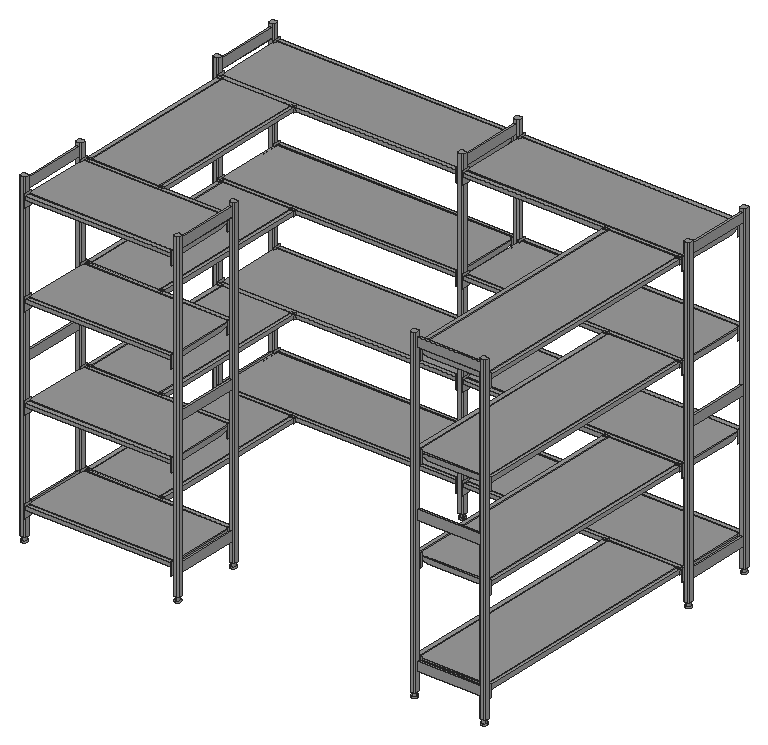
Revit family "QF_ELECTROLUXPROFESSIONAL_137101_CRS2416", category Attrezzature speciali, Revit 2020 (continued)
Definition of nested family "QF_798G2"
  Dimensions and locks
    aligned and locked: nested 1 to plane 10
    aligned and locked: nested 2 to plane 7
  Automatic sketch dimensions
    plane 5 "Right" to Extrusion 1 sketch curve = 0 mm  (x4)
    plane 4 "Left" to Extrusion 1 sketch curve = 0 mm  (x4)
    plane 21 "CYFront" to Extrusion 1 sketch curve = 1.5 mm  (x2)
    plane 19 to Extrusion 1 sketch curve = 1.5 mm  (x4)
    plane 14 to Extrusion 1 sketch curve = 7.998 mm  (x2)
    Extrusion 1 sketch curve to Extrusion 1 sketch curve = 17.997 mm  (x8)
    plane 15 to Extrusion 1 sketch curve = 7.998 mm  (x2)
    plane 16 to Extrusion 1 sketch curve = 7.998 mm  (x2)
    plane 17 to Extrusion 1 sketch curve = 7.998 mm  (x2)
    plane 21 "CYFront" to Extrusion 2 sketch curve = 3.5 mm  (x4)
    plane 19 to Extrusion 2 sketch curve = 3.493 mm  (x4)
    plane 14 to Extrusion 2 sketch curve = 19.496 mm
    Extrusion 2 sketch curve to Extrusion 2 sketch curve = 6.499 mm  (x4)
    plane 15 to Extrusion 2 sketch curve = 19.496 mm
    plane 16 to Extrusion 2 sketch curve = 19.496 mm
    plane 17 to Extrusion 2 sketch curve = 19.496 mm
    curve 2 to plane 4 "Left" = 0 mm
    curve 3 to plane 5 "Right" = 0 mm
    plane 7 to curve 1 = 0 mm
    plane 8 to curve 2 = 0 mm
    plane 8 to curve 1 = 0 mm
    plane 8 to curve 3 = 0 mm
    plane 21 "CYFront" to curve 4 = 1.5 mm
    plane 19 to curve 6 = 1.5 mm
    plane 7 to curve 3 = 4 mm
    plane 7 to curve 2 = 4 mm
  Nested families
    nested 1: "WT_Aggancio373B" at (-194.5, 692.5, 0) x (0, 1, 0) z (0, 0, 1), type "WT_Aggancio373B"
    nested 2: "WT_Aggancio373B" at (-194.5, -929.5, 0) x (0, -1, 0) z (0, 0, 1), type "WT_Aggancio373B"
  Definition of nested family "WT_Aggancio373B"
    Parameters
      WidthLeft = A + 64 mm  # 772 mm
      Width = 1606 mm
      Right = WidthLeft / 2  # 386 mm
      Default Elevation = 0 mm
      Left = -WidthLeft / 2  # -386 mm
      Height = 1590 mm
      FEET = 25 mm
      E = 0 mm
      Dint = Depth - 63 mm  # 310 mm
      Dext = Depth - 8 mm  # 365 mm
      Depth = 373 mm
      DX = (WidthLeft - A) / 2  # 32 mm
      B = 798 mm
      A = 708 mm
    Reference planes
      plane 1: z = 0
      plane 2 "LEFT": x = -417
      plane 3 "BACK": y = 23
      plane 4 "FRONT": y = -350
      plane 5 "TOP": z = 1590
      plane 6 "Center (Front/Back)": y = -163.5
      plane 7: y = -8.5
      plane 8: y = -318.5
      plane 9 "FEET": z = 25
      plane 10: z = 140
      plane 11: z = 590
      plane 12: z = 1040
      plane 13: z = 1490
      plane 14: y = 5.5
      plane 15 "CYBack": y = 5.5
      plane 16 "CYFront": y = -332.5
    Forms (mm)
      Extrusion 1, solid
        sketch origin (-380, -0.022, 0) x (0, 1, 0) y (0, 0, 1)
          loop
            line (-12, 1497.998) -> (4, 1497.998) -> (4, 1515.994) -> (2.007, 1515.994) -> (2.007, 1509.496) -> (-329, 1509.496) -> (-329, 1515.994) -> (-331, 1515.994) -> (-331, 1497.998) -> (-315, 1497.998) -> (-281, 1485.994) -> (-46, 1485.994) -> (-12, 1497.998)
          loop
            line (-12, 1047.998) -> (4, 1047.998) -> (4, 1065.994) -> (2.007, 1065.994) -> (2.007, 1059.496) -> (-329, 1059.496) -> (-329, 1065.994) -> (-331, 1065.994) -> (-331, 1047.998) -> (-315, 1047.998) -> (-281, 1035.994) -> (-46, 1035.994) -> (-12, 1047.998)
          loop
            line (-12, 597.998) -> (4, 597.998) -> (4, 615.994) -> (2.007, 615.994) -> (2.007, 609.496) -> (-329, 609.496) -> (-329, 615.994) -> (-331, 615.994) -> (-331, 597.998) -> (-315, 597.998) -> (-281, 585.994) -> (-46, 585.994) -> (-12, 597.998)
          loop
            line (-12, 147.998) -> (4, 147.998) -> (4, 165.994) -> (2.007, 165.994) -> (2.007, 159.496) -> (-329, 159.496) -> (-329, 165.994) -> (-331, 165.994) -> (-331, 147.998) -> (-315, 147.998) -> (-281, 135.994) -> (-46, 135.994) -> (-12, 147.998)
        from -32 to -37
      Extrusion 2, solid
        sketch origin (-793.062, -324.754, 6.5) x (1, 0, 0) y (0, 0, 1)
          loop
            line (385.062, 1509.496) -> (385.062, 1512.496) -> (376.062, 1512.496) -> (376.062, 1485.994) -> (390.031, 1485.994) -> (390.031, 1491.496) -> (381.062, 1491.496) -> (381.062, 1509.496) -> (385.062, 1509.496)
          loop
            line (385.062, 1059.496) -> (385.062, 1062.496) -> (376.062, 1062.496) -> (376.062, 1035.994) -> (390.031, 1035.994) -> (390.031, 1041.496) -> (381.062, 1041.496) -> (381.062, 1059.496) -> (385.062, 1059.496)
          loop
            line (385.062, 609.496) -> (385.062, 612.496) -> (376.062, 612.496) -> (376.062, 585.994) -> (390.031, 585.994) -> (390.031, 591.496) -> (381.062, 591.496) -> (381.062, 609.496) -> (385.062, 609.496)
          loop
            line (385.062, 159.496) -> (385.062, 162.496) -> (376.062, 162.496) -> (376.062, 135.994) -> (390.031, 135.994) -> (390.031, 141.496) -> (381.062, 141.496) -> (381.062, 159.496) -> (385.062, 159.496)
        from 6.268 to 25.246
      Extrusion 3, solid
        sketch origin (-793.062, 32.754, 6.5) x (1, 0, 0) y (0, 0, 1)
          loop
            line (385.062, 1509.496) -> (385.062, 1512.496) -> (376.062, 1512.496) -> (376.062, 1485.994) -> (390.031, 1485.994) -> (390.031, 1491.496) -> (381.062, 1491.496) -> (381.062, 1509.496) -> (385.062, 1509.496)
          loop
            line (385.062, 1059.496) -> (385.062, 1062.496) -> (376.062, 1062.496) -> (376.062, 1035.994) -> (390.031, 1035.994) -> (390.031, 1041.496) -> (381.062, 1041.496) -> (381.062, 1059.496) -> (385.062, 1059.496)
          loop
            line (385.062, 609.496) -> (385.062, 612.496) -> (376.062, 612.496) -> (376.062, 585.994) -> (390.031, 585.994) -> (390.031, 591.496) -> (381.062, 591.496) -> (381.062, 609.496) -> (385.062, 609.496)
          loop
            line (385.062, 159.496) -> (385.062, 162.496) -> (376.062, 162.496) -> (376.062, 135.994) -> (390.031, 135.994) -> (390.031, 141.496) -> (381.062, 141.496) -> (381.062, 159.496) -> (385.062, 159.496)
        from 9.754 to 28.776
    Lines and regions (mm)
      symbolic lines
        curve 1: line (-412, -350, 0) -> (-408, -350, 0)
        curve 2: line (-412, -331.022, 0) -> (-412, -350, 0)
        curve 3: line (-408, -331.022, 0) -> (-412, -331.022, 0)
        curve 4: line (-408, -350, 0) -> (-408, -331.022, 0)
        curve 5: line (-412, 3.978, 0) -> (-408, 3.978, 0)
        curve 6: line (-412, 23, 0) -> (-412, 3.978, 0)
        curve 7: line (-408, 23, 0) -> (-412, 23, 0)
        curve 8: line (-408, 3.978, 0) -> (-408, 23, 0)
    Dimensions and locks
      "Height": plane 5 "TOP" to level
      "Depth": plane 3 "BACK" to plane 4 "FRONT"
      "Dint": plane 7 to plane 8
      equal spacing: plane 7, plane 6 "Center (Front/Back)", plane 8
      equal spacing: plane 3 "BACK", plane 6 "Center (Front/Back)", plane 4 "FRONT"
      plane 9 "FEET" to level = 25 mm
      plane 10 to plane 9 "FEET" = 115 mm
      locked: plane 11 to plane 10 at 450
      locked: plane 12 to plane 11 at 450
      locked: plane 13 to plane 12 at 450
      locked: plane 3 "BACK" to plane 15 "CYBack" at 17.5
      locked: plane 16 "CYFront" to plane 4 "FRONT" at 17.5
      aligned and locked: level to plane 1
      aligned and locked: Extrusion 1 sketch curve to Extrusion 1 sketch curve  (x3)
    Automatic sketch dimensions
      plane 16 "CYFront" to Extrusion 1 sketch curve = 1.478 mm  (x4)
      Extrusion 1 sketch curve to Extrusion 1 sketch curve = 2 mm
      plane 8 to Extrusion 1 sketch curve = 3.478 mm  (x4)
      Extrusion 1 sketch curve to plane 10 = 4.006 mm
      Extrusion 1 sketch curve to Extrusion 1 sketch curve = 34 mm  (x4)
      Extrusion 1 sketch curve to plane 11 = 4.006 mm
      Extrusion 1 sketch curve to plane 12 = 4.006 mm
      Extrusion 1 sketch curve to plane 13 = 4.006 mm
      Extrusion 1 sketch curve to plane 7 = 37.522 mm  (x4)
      Extrusion 1 sketch curve to plane 7 = 3.522 mm  (x4)
      plane 14 to Extrusion 1 sketch curve = 3.516 mm  (x4)
      plane 14 to Extrusion 1 sketch curve = 1.522 mm  (x4)
      plane 10 to Extrusion 1 sketch curve = 7.998 mm  (x2)
      Extrusion 1 sketch curve to Extrusion 1 sketch curve = 11.498 mm  (x4)
      Extrusion 1 sketch curve to Extrusion 1 sketch curve = 6.499 mm  (x8)
      plane 11 to Extrusion 1 sketch curve = 7.998 mm  (x2)
      plane 12 to Extrusion 1 sketch curve = 7.998 mm  (x2)
      plane 13 to Extrusion 1 sketch curve = 7.998 mm  (x2)
      plane 2 "LEFT" to Extrusion 2 sketch curve = 0 mm  (x4)
      plane 13 to Extrusion 2 sketch curve = 7.996 mm
      plane 11 to Extrusion 2 sketch curve = 7.996 mm
      Extrusion 2 sketch curve to Extrusion 2 sketch curve = 5 mm  (x4)
      plane 11 to Extrusion 2 sketch curve = 2.494 mm
      plane 10 to Extrusion 2 sketch curve = 28.996 mm
      Extrusion 2 sketch curve to Extrusion 2 sketch curve = 3 mm  (x4)
      plane 10 to Extrusion 2 sketch curve = 7.996 mm
      plane 10 to Extrusion 2 sketch curve = 2.494 mm
      Extrusion 2 sketch curve to Extrusion 2 sketch curve = 18 mm  (x3)
      plane 12 to Extrusion 2 sketch curve = 2.494 mm
      plane 12 to Extrusion 2 sketch curve = 7.996 mm
      plane 13 to Extrusion 2 sketch curve = 2.494 mm
      plane 2 "LEFT" to Extrusion 3 sketch curve = 0 mm  (x4)
      plane 13 to Extrusion 3 sketch curve = 7.996 mm
      plane 11 to Extrusion 3 sketch curve = 7.996 mm
      Extrusion 3 sketch curve to Extrusion 3 sketch curve = 5 mm  (x4)
      plane 11 to Extrusion 3 sketch curve = 2.494 mm
      plane 10 to Extrusion 3 sketch curve = 28.996 mm
      Extrusion 3 sketch curve to Extrusion 3 sketch curve = 3 mm  (x4)
      plane 10 to Extrusion 3 sketch curve = 7.996 mm
      plane 10 to Extrusion 3 sketch curve = 2.494 mm
      Extrusion 3 sketch curve to Extrusion 3 sketch curve = 18 mm  (x3)
      plane 12 to Extrusion 3 sketch curve = 2.494 mm
      plane 12 to Extrusion 3 sketch curve = 7.996 mm
      plane 13 to Extrusion 3 sketch curve = 2.494 mm
      plane 2 "LEFT" to curve 1 = 5 mm
      plane 2 "LEFT" to curve 7 = 5 mm
      curve 1 to plane 16 "CYFront" = 17.5 mm
      curve 3 to plane 8 = 12.522 mm
      plane 7 to curve 5 = 12.478 mm
      curve 7 to plane 14 = 17.5 mm
      curve 5 to curve 5 = 4 mm
      curve 1 to curve 4 = 4 mm
      Extrusion 2 sketch curve to Extrusion 2 sketch curve = 4 mm  (x4)
      Extrusion 2 sketch curve to Extrusion 2 sketch curve = 8.969 mm  (x4)
      Extrusion 3 sketch curve to Extrusion 3 sketch curve = 4 mm  (x4)
      Extrusion 3 sketch curve to Extrusion 3 sketch curve = 8.969 mm  (x4)
Definition of nested family "QF_708"
  Parameters
    Default Elevation = 0 mm
    Model = "137010"
    Manufacturer = "Electrolux Professional"
    Description = ""
  Reference planes
    plane 1: z = 0
    plane 2 "Center (Left/Right)": x = -31
    plane 3 "LEFT": x = -417
    plane 4 "RIGHT": x = 355
    plane 5 "BACK": y = 23
    plane 6 "FRONT": y = -350
    plane 7 "TOP": z = 1700
    plane 8: x = 350
    plane 9: x = -385
    plane 10: x = 323
    plane 11 "Center (Front/Back)": y = -163.5
    plane 12: x = 318
    plane 13: y = -8.5
    plane 14: y = -318.5
    plane 15 "FEET": z = 25
    plane 16: z = 140
    plane 17: z = 590
    plane 18: z = 1040
    plane 19: z = 1490
    plane 20 "CXLeft": x = -403
    plane 21 "CXRight": x = 341
    plane 22: y = 5.5
    plane 23 "CYBack": y = 5.5
    plane 24 "CYFront": y = -332.5
  Forms (mm)
    Extrusion 1, solid
      sketch origin (-417, 0, 0) x (0, 1, 0) y (0, 0, 1)
        loop
          line (4, 1515.994) -> (4, 1497.998) -> (23, 1497.998) -> (23, 1515.994) -> (4, 1515.994)
        loop
          line (-331, 1515.994) -> (-350, 1515.994) -> (-350, 1497.998) -> (-331, 1497.998) -> (-331, 1515.994)
        loop
          line (4, 1065.994) -> (4, 1047.998) -> (23, 1047.998) -> (23, 1065.994) -> (4, 1065.994)
        loop
          line (-331, 1065.994) -> (-350, 1065.994) -> (-350, 1047.998) -> (-331, 1047.998) -> (-331, 1065.994)
        loop
          line (4, 615.994) -> (4, 597.998) -> (23, 597.998) -> (23, 615.994) -> (4, 615.994)
        loop
          line (-331, 615.994) -> (-350, 615.994) -> (-350, 597.998) -> (-331, 597.998) -> (-331, 615.994)
        loop
          line (4, 165.994) -> (4, 147.998) -> (23, 147.998) -> (23, 165.994) -> (4, 165.994)
        loop
          line (-331, 165.994) -> (-350, 165.994) -> (-350, 147.998) -> (-331, 147.998) -> (-331, 165.994)
      from 32 to 740
    Extrusion 2, solid
      sketch origin (-417, 0, 135) x (0, 1, 0) y (0, 0, 1)
        loop
          line (2.007, 1380.994) -> (-329, 1380.994) -> (-329, 1374.496) -> (2.007, 1374.496) -> (2.007, 1380.994)
        loop
          line (2.007, 930.994) -> (-329, 930.994) -> (-329, 924.496) -> (2.007, 924.496) -> (2.007, 930.994)
        loop
          line (2.007, 480.994) -> (-329, 480.994) -> (-329, 474.496) -> (2.007, 474.496) -> (2.007, 480.994)
        loop
          line (2.007, 30.994) -> (-329, 30.994) -> (-329, 24.496) -> (2.007, 24.496) -> (2.007, 30.994)
      from 32 to 740
    Extrusion 3, solid
      sketch origin (355, 0, 135) x (0, 1, 0) y (0, 0, 1)
        loop
          line (-12, 1362.998) -> (4, 1362.998) -> (4, 1380.994) -> (2.007, 1380.994) -> (2.007, 1374.496) -> (-329, 1374.496) -> (-329, 1380.994) -> (-331, 1380.994) -> (-331, 1362.998) -> (-315, 1362.998) -> (-281, 1350.994) -> (-46, 1350.994) -> (-12, 1362.998)
        loop
          line (-12, 912.998) -> (4, 912.998) -> (4, 930.994) -> (2.007, 930.994) -> (2.007, 924.496) -> (-329, 924.496) -> (-329, 930.994) -> (-331, 930.994) -> (-331, 912.998) -> (-315, 912.998) -> (-281, 900.994) -> (-46, 900.994) -> (-12, 912.998)
        loop
          line (-12, 462.998) -> (4, 462.998) -> (4, 480.994) -> (2.007, 480.994) -> (2.007, 474.496) -> (-329, 474.496) -> (-329, 480.994) -> (-331, 480.994) -> (-331, 462.998) -> (-315, 462.998) -> (-281, 450.994) -> (-46, 450.994) -> (-12, 462.998)
        loop
          line (-12, 12.998) -> (4, 12.998) -> (4, 30.994) -> (2.007, 30.994) -> (2.007, 24.496) -> (-329, 24.496) -> (-329, 30.994) -> (-331, 30.994) -> (-331, 12.998) -> (-315, 12.998) -> (-281, 0.994) -> (-46, 0.994) -> (-12, 12.998)
      from -32 to -37
  Lines and regions (mm)
    symbolic lines
      curve 1: line (323, 4, 1700) -> (-385, 4, 1700)
      curve 2: line (-389, 23, 1700) -> (327, 23, 1700)
      curve 3: line (327, 13.246, 1700) -> (333.254, 19.5, 1700)
      curve 4: line (333.254, -8.5, 1700) -> (327, -2.246, 1700)
      curve 5: line (333.254, -318.5, 1700) -> (327, -324.754, 1700)
      curve 6: line (-389, -350, 1700) -> (327, -350, 1700)
      curve 7: line (327, 23, 1700) -> (327, -12.993, 1700)
      curve 8: line (327, -12.993, 1700) -> (323, -12.993, 1700)
      curve 9: line (327, -350, 1700) -> (327, -314.007, 1700)
      curve 10: line (327, -314.007, 1700) -> (323, -314.007, 1700)
      curve 11: line (-385, -12.993, 1700) -> (-385, -314.007, 1700)
      curve 12: line (-385, -331, 1700) -> (323, -331, 1700)
      curve 13: line (323, -12.993, 1700) -> (323, -314.007, 1700)
  Dimensions and locks
    locked: plane 3 "LEFT" to plane 4 "RIGHT" at 772
    equal spacing: plane 3 "LEFT", plane 2 "Center (Left/Right)", plane 4 "RIGHT"
    locked: plane 7 "TOP" to level at 1700
    locked: plane 5 "BACK" to plane 6 "FRONT" at 373
    locked: plane 4 "RIGHT" to plane 8 at 5
    locked: plane 9 to plane 10 at 708
    locked: plane 3 "LEFT" to plane 9 at 32
    plane 12 to plane 10 = 5 mm
    locked: plane 13 to plane 14 at 310
    equal spacing: plane 13, plane 11 "Center (Front/Back)", plane 14
    equal spacing: plane 5 "BACK", plane 11 "Center (Front/Back)", plane 6 "FRONT"
    plane 15 "FEET" to level = 25 mm
    plane 7 "TOP" to plane 15 "FEET" = 1675 mm
    plane 17 to plane 16 = 450 mm
    plane 18 to plane 17 = 450 mm
    plane 19 to plane 18 = 450 mm
    locked: plane 3 "LEFT" to plane 20 "CXLeft" at 14
    locked: plane 21 "CXRight" to plane 4 "RIGHT" at 14
    locked: plane 5 "BACK" to plane 23 "CYBack" at 17.5
    locked: plane 24 "CYFront" to plane 6 "FRONT" at 17.5
    plane 16 to level = 140 mm
    plane 17 to level = 590 mm
    plane 18 to level = 1040 mm
    plane 19 to level = 1490 mm
    aligned and locked: level to plane 1
    aligned and locked: plane 9 to Extrusion 2
    aligned and locked: Extrusion 2 to plane 10
    aligned and locked: plane 9 to Extrusion 1
    aligned and locked: Extrusion 1 to plane 10
    aligned and locked: Extrusion 1 sketch curve to Extrusion 1 sketch curve  (x2)
    aligned and locked: Extrusion 3 sketch curve to Extrusion 3 sketch curve  (x3)
    aligned and locked: Extrusion 3 to plane 12
    aligned and locked: Extrusion 3 to plane 10
    aligned and locked: plane 20 "CXLeft" to nested 1
    aligned and locked: plane 21 "CXRight" to nested 2
  Automatic sketch dimensions
    Extrusion 1 sketch curve to plane 6 "FRONT" = 0 mm  (x4)
    Extrusion 1 sketch curve to plane 5 "BACK" = 0 mm  (x4)
    plane 24 "CYFront" to Extrusion 1 sketch curve = 1.5 mm  (x2)
    plane 22 to Extrusion 1 sketch curve = 1.5 mm  (x4)
    plane 16 to Extrusion 1 sketch curve = 7.998 mm  (x2)
    Extrusion 1 sketch curve to Extrusion 1 sketch curve = 17.997 mm  (x8)
    plane 17 to Extrusion 1 sketch curve = 7.998 mm  (x2)
    plane 18 to Extrusion 1 sketch curve = 7.998 mm  (x2)
    plane 19 to Extrusion 1 sketch curve = 7.998 mm  (x2)
    plane 24 "CYFront" to Extrusion 2 sketch curve = 3.5 mm  (x4)
    plane 22 to Extrusion 2 sketch curve = 3.493 mm  (x4)
    plane 16 to Extrusion 2 sketch curve = 19.496 mm
    Extrusion 2 sketch curve to Extrusion 2 sketch curve = 6.499 mm  (x4)
    plane 17 to Extrusion 2 sketch curve = 19.496 mm
    plane 18 to Extrusion 2 sketch curve = 19.496 mm
    plane 19 to Extrusion 2 sketch curve = 19.496 mm
    plane 24 "CYFront" to Extrusion 3 sketch curve = 1.5 mm  (x4)
    Extrusion 3 sketch curve to Extrusion 3 sketch curve = 2 mm
    plane 14 to Extrusion 3 sketch curve = 3.5 mm  (x4)
    Extrusion 3 sketch curve to plane 16 = 4.006 mm
    Extrusion 3 sketch curve to Extrusion 3 sketch curve = 34 mm  (x4)
    Extrusion 3 sketch curve to plane 17 = 4.006 mm
    Extrusion 3 sketch curve to plane 18 = 4.006 mm
    Extrusion 3 sketch curve to plane 19 = 4.006 mm
    Extrusion 3 sketch curve to plane 13 = 37.5 mm  (x4)
    Extrusion 3 sketch curve to plane 13 = 3.5 mm  (x4)
    plane 22 to Extrusion 3 sketch curve = 3.493 mm  (x4)
    plane 22 to Extrusion 3 sketch curve = 1.5 mm  (x4)
    plane 16 to Extrusion 3 sketch curve = 7.998 mm  (x2)
    Extrusion 3 sketch curve to Extrusion 3 sketch curve = 11.498 mm  (x4)
    Extrusion 3 sketch curve to Extrusion 3 sketch curve = 6.499 mm  (x8)
    plane 17 to Extrusion 3 sketch curve = 7.998 mm  (x2)
    plane 18 to Extrusion 3 sketch curve = 7.998 mm  (x2)
    plane 19 to Extrusion 3 sketch curve = 7.998 mm  (x2)
    curve 6 to plane 6 "FRONT" = 0 mm
    curve 12 to plane 9 = 0 mm
    curve 12 to plane 10 = 0 mm
    curve 5 to plane 14 = 0 mm
    curve 11 to plane 9 = 0 mm
    curve 8 to plane 10 = 0 mm
    curve 4 to plane 13 = 0 mm
    curve 1 to plane 9 = 0 mm
    curve 1 to plane 10 = 0 mm
    curve 2 to plane 5 "BACK" = 0 mm
    plane 14 to curve 10 = 4.493 mm
    curve 7 to plane 13 = 4.493 mm
    curve 10 to plane 10 = 4 mm
    curve 7 to plane 10 = 4 mm
    plane 24 "CYFront" to curve 12 = 1.5 mm
    curve 5 to plane 14 = 6.254 mm
    plane 14 to curve 11 = 4.493 mm
    curve 11 to plane 13 = 4.493 mm
    plane 13 to curve 4 = 6.254 mm
    plane 22 to curve 1 = 1.5 mm
    curve 3 to plane 22 = 7.746 mm
    curve 3 to plane 5 "BACK" = 3.5 mm
    curve 5 to curve 9 = 6.254 mm
    curve 3 to curve 2 = 6.254 mm
    curve 4 to curve 7 = 6.254 mm
    plane 9 to curve 2 = 4 mm
    plane 9 to curve 6 = 4 mm
  Nested families
    nested 1: "WT_Anta373B" at (0, 0, 0), type "WT_Anta373B"
    nested 2: "WT_Anta373B" at (-62, 0, 0) x (-1, 0, 0) z (0, 0, 1), type "WT_Anta373B"
  Definition of nested family "WT_Anta373B"
    Parameters
      WidthLeft = A + 64 mm  # 772 mm
      Width = 1606 mm
      Right = WidthLeft / 2  # 386 mm
      Default Elevation = 0 mm
      Left = -WidthLeft / 2  # -386 mm
      Height = 1590 mm
      FEET = 25 mm
      E = 0 mm
      Dint = Depth - 63 mm  # 310 mm
      Dext = Depth - 8 mm  # 365 mm
      Depth = 373 mm
      DX = (WidthLeft - A) / 2  # 32 mm
      B = 798 mm
      A = 708 mm
    Reference planes
      plane 1: z = 0
      plane 2 "LEFT": x = -417
      plane 3 "BACK": y = 23
      plane 4 "FRONT": y = -350
      plane 5 "TOP": z = 1590
      plane 6 "Center (Front/Back)": y = -163.5
      plane 7: y = -8.5
      plane 8: y = -318.5
      plane 9 "FEET": z = 25
      plane 10: z = 140
      plane 11: z = 590
      plane 12: z = 1040
      plane 13: z = 1490
      plane 14 "CXLeft": x = -403
      plane 15: y = 5.5
      plane 16 "CYBack": y = 5.5
      plane 17 "CYFront": y = -332.5
      plane 18: x = -385.031
      plane 19: x = -380.031
    Forms (mm)
      Extrusion 1, solid
        sketch origin (0, 0, 0) x (1, 0, 0) y (0, 1, 0)
          loop
            line (-417, 13.246) -> (-417, -2.246) -> (-410.746, -8.5) -> (-395.254, -8.5) -> (-389, -2.246) -> (-389, 13.246) -> (-395.254, 19.5) -> (-410.746, 19.5) -> (-417, 13.246)
        from 1590 to 25
      Extrusion 2, solid
        sketch origin (-417, 0, 0) x (0, 1, 0) y (0, 0, 1)
          loop
            line (23, 111.005) -> (23, 172.993) -> (-12.993, 172.993) -> (-12.993, 111.005) -> (23, 111.005)
          loop
            line (-350, 111.005) -> (-314.007, 111.005) -> (-314.007, 172.993) -> (-350, 172.993) -> (-350, 111.005)
          loop
            line (23, 561.005) -> (23, 622.993) -> (-12.993, 622.993) -> (-12.993, 561.005) -> (23, 561.005)
          loop
            line (-350, 561.005) -> (-314.007, 561.005) -> (-314.007, 622.993) -> (-350, 622.993) -> (-350, 561.005)
          loop
            line (23, 1011.005) -> (23, 1072.993) -> (-12.993, 1072.993) -> (-12.993, 1011.005) -> (23, 1011.005)
          loop
            line (-350, 1011.005) -> (-314.007, 1011.005) -> (-314.007, 1072.993) -> (-350, 1072.993) -> (-350, 1011.005)
          loop
            line (23, 1461.005) -> (23, 1522.993) -> (-12.993, 1522.993) -> (-12.993, 1461.005) -> (23, 1461.005)
          loop
            line (-350, 1461.005) -> (-314.007, 1461.005) -> (-314.007, 1522.993) -> (-350, 1522.993) -> (-350, 1461.005)
        from 28 to 32
      Revolve 3, solid
        sketch origin (-403, 0, 0) x (0, 1, 0) y (0, 0, 1)
          loop
            line (5.5, 25) -> (5.5, 0) -> (19, 0) -> (19, 5) -> (14, 5) -> (14, 25) -> (5.5, 25)
          axis (5.5, 25) -> (5.5, 0)
        angle from 0 to 360
      Extrusion 4, solid
        sketch origin (-403, 0, 0) x (0, 1, 0) y (0, 0, 1)
          loop
            line (-8.5, 777.382) -> (-8.5, 822.374) -> (-318.5, 822.374) -> (-318.5, 777.382) -> (-8.5, 777.382)
          loop
            line (-8.5, 1527.244) -> (-8.5, 1572.236) -> (-318.5, 1572.236) -> (-318.5, 1527.244) -> (-8.5, 1527.244)
        from -5 to 5
      Revolve 5, solid
        sketch origin (-403, -627, 0) x (0, -1, 0) y (0, 0, 1)
          loop
            line (-294.5, 25) -> (-294.5, 0) -> (-281, 0) -> (-281, 5) -> (-286, 5) -> (-286, 25) -> (-294.5, 25)
          axis (-294.5, 25) -> (-294.5, 0)
        angle from 0 to 360
      Extrusion 6, solid
        sketch origin (0, -627, 0) x (1, 0, 0) y (0, 1, 0)
          loop
            line (-417, 286.754) -> (-410.746, 280.5) -> (-395.254, 280.5) -> (-389, 286.754) -> (-389, 302.246) -> (-395.254, 308.5) -> (-410.746, 308.5) -> (-417, 302.246) -> (-417, 286.754)
        from 1590 to 25
      Extrusion 7, solid
        sketch origin (-417.031, -0.022, 0) x (0, 1, 0) y (0, 0, -1)
          loop
            line (-12, -1497.998) -> (-46, -1485.994) -> (-281, -1485.994) -> (-315, -1497.998) -> (-331, -1497.998) -> (-331, -1515.994) -> (-329, -1515.994) -> (-329, -1509.496) -> (2.007, -1509.496) -> (2.007, -1515.994) -> (4, -1515.994) -> (4, -1497.998) -> (-12, -1497.998)
          loop
            line (-12, -1047.998) -> (-46, -1035.994) -> (-281, -1035.994) -> (-315, -1047.998) -> (-331, -1047.998) -> (-331, -1065.994) -> (-329, -1065.994) -> (-329, -1059.496) -> (2.007, -1059.496) -> (2.007, -1065.994) -> (4, -1065.994) -> (4, -1047.998) -> (-12, -1047.998)
          loop
            line (-12, -597.998) -> (-46, -585.994) -> (-281, -585.994) -> (-315, -597.998) -> (-331, -597.998) -> (-331, -615.994) -> (-329, -615.994) -> (-329, -609.496) -> (2.007, -609.496) -> (2.007, -615.994) -> (4, -615.994) -> (4, -597.998) -> (-12, -597.998)
          loop
            line (-12, -147.998) -> (-46, -135.994) -> (-281, -135.994) -> (-315, -147.998) -> (-331, -147.998) -> (-331, -165.994) -> (-329, -165.994) -> (-329, -159.496) -> (2.007, -159.496) -> (2.007, -165.994) -> (4, -165.994) -> (4, -147.998) -> (-12, -147.998)
        from -32 to -37
      Extrusion 8, solid
        sketch origin (-403, 0, -659.878) x (0, 1, 0) y (0, 0, 1)
          loop
            line (-8.5, 777.382) -> (-8.5, 822.374) -> (-318.5, 822.374) -> (-318.5, 777.382) -> (-8.5, 777.382)
          loop
            line (-8.5, 1437.382) -> (-8.5, 1482.374) -> (-318.5, 1482.374) -> (-318.5, 1437.382) -> (-8.5, 1437.382)
          loop
            line (-8.5, 2187.382) -> (-8.5, 2232.374) -> (-318.5, 2232.374) -> (-318.5, 2187.382) -> (-8.5, 2187.382)
        from -5 to 5
    Lines and regions (mm)
      symbolic lines
        curve 1: line (-408, -8.5, 1590) -> (-408, -318.5, 1590)
        curve 2: line (-398, -318.5, 1590) -> (-398, -8.5, 1590)
        curve 3: line (-395.254, -8.5, 1590) -> (-410.746, -8.5, 1590)
        curve 4: line (-417, -2.246, 1590) -> (-410.746, -8.5, 1590)
        curve 5: line (-417, 13.246, 1590) -> (-417, -2.246, 1590)
        curve 6: line (-410.746, 19.5, 1590) -> (-417, 13.246, 1590)
        curve 7: line (-395.254, 19.5, 1590) -> (-410.746, 19.5, 1590)
        curve 8: line (-389, 13.246, 1590) -> (-395.254, 19.5, 1590)
        curve 9: line (-395.254, -8.5, 1590) -> (-389, -2.246, 1590)
        curve 10: line (-395.254, -318.5, 1590) -> (-410.746, -318.5, 1590)
        curve 11: line (-417, -324.754, 1590) -> (-410.746, -318.5, 1590)
        curve 12: line (-410.746, -346.5, 1590) -> (-417, -340.246, 1590)
        curve 13: line (-395.254, -346.5, 1590) -> (-410.746, -346.5, 1590)
        curve 14: line (-389, -340.246, 1590) -> (-395.254, -346.5, 1590)
        curve 15: line (-395.254, -318.5, 1590) -> (-389, -324.754, 1590)
        curve 16: line (-389, -350, 1590) -> (-389, -314.007, 1590)
        curve 17: line (-389, -314.007, 1590) -> (-385, -314.007, 1590)
        curve 18: line (-389, 23, 1590) -> (-389, -12.993, 1590)
        curve 19: line (-389, -12.993, 1590) -> (-385, -12.993, 1590)
        curve 20: line (-417, -324.754, 1590) -> (-417, -340.246, 1590)
        curve 21: line (-385, -350, 1590) -> (-385, -314.007, 1590)
        curve 22: line (-385, -350, 1590) -> (-389, -350, 1590)
        curve 23: line (-385, 23, 1590) -> (-389, 23, 1590)
        curve 24: line (-385, -12.993, 1590) -> (-385, 23, 1590)
        curve 25: line (-385.031, -13.016, 1725) -> (-385.031, -314.029, 1725)
    Dimensions and locks
      "Depth": plane 3 "BACK" to plane 4 "FRONT"
      "Dint": plane 7 to plane 8
      equal spacing: plane 7, plane 6 "Center (Front/Back)", plane 8
      equal spacing: plane 3 "BACK", plane 6 "Center (Front/Back)", plane 4 "FRONT"
      plane 9 "FEET" to level = 25 mm
      plane 10 to plane 9 "FEET" = 115 mm
      plane 11 to plane 10 = 450 mm
      plane 12 to plane 11 = 450 mm
      plane 13 to plane 12 = 450 mm
      locked: plane 2 "LEFT" to plane 14 "CXLeft" at 14
      locked: plane 3 "BACK" to plane 16 "CYBack" at 17.5
      locked: plane 17 "CYFront" to plane 4 "FRONT" at 17.5
      locked: Revolve 3 sketch curve to Revolve 3 sketch curve at 8.5
      locked: Revolve 3 sketch curve to plane 16 "CYBack" at 13.5
      locked: Revolve 5 sketch curve to Revolve 5 sketch curve at 8.5
      plane 10 to level = 140 mm
      plane 11 to level = 590 mm
      plane 12 to level = 1040 mm
      plane 13 to level = 1490 mm
      "Height": plane 5 "TOP" to level
      aligned and locked: level to plane 1
      aligned and locked: curve 20 to Extrusion 6
      aligned and locked: plane 5 "TOP" to Extrusion 1
      aligned and locked: plane 5 "TOP" to Extrusion 6
      aligned and locked: Extrusion 7 sketch curve to Extrusion 7 sketch curve  (x3)
    Automatic sketch dimensions
      curve 16 to plane 4 "FRONT" = 0 mm
      curve 11 to plane 8 = 0 mm
      curve 9 to plane 7 = 0 mm
      curve 5 to plane 2 "LEFT" = 0 mm
      curve 23 to plane 3 "BACK" = 0 mm
      plane 4 "FRONT" to curve 13 = 3.5 mm
      curve 20 to plane 17 "CYFront" = 7.746 mm
      curve 20 to plane 8 = 6.254 mm
      plane 8 to curve 16 = 4.493 mm
      curve 24 to plane 18 = 0.031 mm
      curve 24 to plane 7 = 4.493 mm
      plane 7 to curve 5 = 6.254 mm
      curve 5 to plane 15 = 7.746 mm
      curve 6 to plane 3 "BACK" = 3.5 mm
      curve 21 to plane 18 = 0.031 mm
      plane 18 to curve 23 = 3.969 mm
      plane 18 to curve 16 = 3.969 mm
      curve 18 to curve 8 = 6.254 mm
      curve 18 to curve 3 = 6.254 mm
      curve 16 to curve 13 = 6.254 mm
      curve 16 to curve 15 = 6.254 mm
      plane 2 "LEFT" to curve 10 = 6.254 mm
      plane 2 "LEFT" to curve 7 = 6.254 mm
      plane 2 "LEFT" to curve 12 = 6.254 mm
      plane 2 "LEFT" to curve 3 = 6.254 mm
      curve 14 to plane 17 "CYFront" = 7.746 mm
      curve 15 to plane 8 = 6.254 mm
      plane 7 to curve 9 = 6.254 mm
      curve 8 to plane 15 = 7.746 mm
      curve 3 to curve 2 = 2.746 mm
      curve 1 to curve 10 = 2.746 mm
      Extrusion 1 sketch curve to plane 2 "LEFT" = 0 mm
      Extrusion 1 sketch curve to plane 7 = 0 mm
      plane 2 "LEFT" to Extrusion 1 sketch curve = 6.254 mm  (x2)
      plane 14 "CXLeft" to Extrusion 1 sketch curve = 7.746 mm  (x2)
      Extrusion 1 sketch curve to plane 3 "BACK" = 3.5 mm
      plane 18 to Extrusion 1 sketch curve = 3.969 mm
      plane 7 to Extrusion 1 sketch curve = 6.254 mm  (x2)
      Extrusion 1 sketch curve to plane 15 = 7.746 mm  (x2)
      Extrusion 2 sketch curve to plane 4 "FRONT" = 0 mm  (x4)
      Extrusion 2 sketch curve to plane 3 "BACK" = 0 mm  (x4)
      plane 8 to Extrusion 2 sketch curve = 4.493 mm  (x4)
      Extrusion 2 sketch curve to plane 7 = 4.493 mm  (x4)
      Extrusion 2 sketch curve to plane 10 = 28.995 mm  (x2)
      plane 10 to Extrusion 2 sketch curve = 32.993 mm  (x2)
      Extrusion 2 sketch curve to plane 11 = 28.995 mm  (x2)
      plane 11 to Extrusion 2 sketch curve = 32.993 mm  (x2)
      Extrusion 2 sketch curve to plane 12 = 28.995 mm  (x2)
      plane 12 to Extrusion 2 sketch curve = 32.993 mm  (x2)
      Extrusion 2 sketch curve to plane 13 = 28.995 mm  (x2)
      plane 13 to Extrusion 2 sketch curve = 32.993 mm  (x2)
      Revolve 3 sketch curve to plane 9 "FEET" = 0 mm  (x2)
      Revolve 3 sketch curve to plane 15 = 0 mm  (x2)
      Revolve 3 sketch curve to level = 0 mm
      level to Revolve 3 sketch curve = 5 mm
      Revolve 3 sketch curve to Revolve 3 sketch curve = 11.655 mm
      Extrusion 4 sketch curve to plane 8 = 0 mm  (x2)
      Extrusion 4 sketch curve to plane 7 = 0 mm  (x2)
      plane 11 to Extrusion 4 sketch curve = 187.382 mm
      Extrusion 4 sketch curve to Extrusion 4 sketch curve = 44.992 mm
      plane 13 to Extrusion 4 sketch curve = 37.244 mm
      Extrusion 4 sketch curve to plane 5 "TOP" = 17.764 mm
      Revolve 5 sketch curve to plane 9 "FEET" = 0 mm  (x2)
      Revolve 5 sketch curve to plane 17 "CYFront" = 0 mm  (x2)
      Revolve 5 sketch curve to level = 0 mm
      Revolve 5 sketch curve to plane 4 "FRONT" = 4 mm
      Revolve 5 sketch curve to Revolve 5 sketch curve = 5 mm
      level to Revolve 5 sketch curve = 11.655 mm
      Extrusion 6 sketch curve to plane 2 "LEFT" = 0 mm
      Extrusion 6 sketch curve to plane 8 = 0 mm
      Extrusion 6 sketch curve to plane 2 "LEFT" = 6.254 mm  (x2)
      Extrusion 6 sketch curve to plane 14 "CXLeft" = 7.746 mm  (x2)
      Extrusion 6 sketch curve to plane 4 "FRONT" = 3.5 mm
      Extrusion 6 sketch curve to plane 18 = 3.969 mm
      plane 8 to Extrusion 6 sketch curve = 6.254 mm  (x2)
      plane 17 "CYFront" to Extrusion 6 sketch curve = 7.746 mm  (x2)
      plane 17 "CYFront" to Extrusion 7 sketch curve = 1.478 mm  (x4)
      Extrusion 7 sketch curve to Extrusion 7 sketch curve = 2 mm
      plane 8 to Extrusion 7 sketch curve = 3.478 mm  (x4)
      Extrusion 7 sketch curve to plane 10 = 4.006 mm
      Extrusion 7 sketch curve to Extrusion 7 sketch curve = 34 mm  (x4)
      Extrusion 7 sketch curve to plane 11 = 4.006 mm
      Extrusion 7 sketch curve to plane 12 = 4.006 mm
      Extrusion 7 sketch curve to plane 13 = 4.006 mm
      Extrusion 7 sketch curve to plane 7 = 37.522 mm  (x4)
      Extrusion 7 sketch curve to plane 7 = 3.522 mm  (x4)
      plane 15 to Extrusion 7 sketch curve = 3.516 mm  (x4)
      plane 15 to Extrusion 7 sketch curve = 1.522 mm  (x4)
      plane 13 to Extrusion 7 sketch curve = 7.998 mm  (x2)
      Extrusion 7 sketch curve to Extrusion 7 sketch curve = 11.498 mm
      Extrusion 7 sketch curve to Extrusion 7 sketch curve = 6.499 mm  (x5)
      plane 12 to Extrusion 7 sketch curve = 25.994 mm  (x2)
      plane 12 to Extrusion 7 sketch curve = 7.998 mm  (x2)
      plane 11 to Extrusion 7 sketch curve = 25.994 mm  (x2)
      plane 11 to Extrusion 7 sketch curve = 7.998 mm  (x2)
      plane 10 to Extrusion 7 sketch curve = 25.994 mm  (x2)
      plane 10 to Extrusion 7 sketch curve = 7.998 mm  (x2)
      curve 25 to plane 18 = 0 mm
      plane 8 to curve 25 = 4.471 mm
      curve 25 to plane 7 = 4.516 mm
      Extrusion 8 sketch curve to plane 8 = 0 mm  (x3)
      Extrusion 8 sketch curve to plane 7 = 0 mm  (x3)
      Extrusion 8 sketch curve to plane 10 = 22.496 mm
      plane 10 to Extrusion 8 sketch curve = 22.496 mm
      plane 11 to Extrusion 8 sketch curve = 187.504 mm
      Extrusion 8 sketch curve to Extrusion 8 sketch curve = 44.992 mm
      plane 13 to Extrusion 8 sketch curve = 37.504 mm
      Extrusion 8 sketch curve to plane 5 "TOP" = 17.504 mm
Definition of nested family "QF_1152G"
  Parameters
    Default Elevation = 0 mm
    Model = "137035"
    Manufacturer = "Electrolux Professional"
    Description = ""
  Reference planes
    plane 1: z = 0
    plane 2 "Center (F/B)": y = -163.5
    plane 3 "Front": y = -549.5
    plane 4 "Left": x = -217.5
    plane 5 "Right": x = 155.5
    plane 6 "TOP": z = 1700
    plane 7: y = -517.5
    plane 8: y = 634.5
    plane 9 "Center (Left/Right)": x = -31
    plane 10: y = 629.5
    plane 11: x = -186
    plane 12: x = 124
    plane 13 "FEET": z = 25
    plane 14: z = 140
    plane 15: z = 590
    plane 16: z = 1040
    plane 17: z = 1490
    plane 18 "CXLeft": y = -535.5
    plane 19: x = -200
    plane 20 "CYBack": x = -200
    plane 21 "CYFront": x = 138
    plane 22 "Back": y = 638.5
    plane 23 "LEFT_ORIGIN": x = -251.5
    plane 24 "BACK_Origin": y = 1011.5
  Forms (mm)
    Extrusion 1, solid
      sketch origin (0, -549.5, 0) x (-1, 0, 0) y (0, 0, 1)
        loop
          line (198.5, 1515.994) -> (198.5, 1497.998) -> (217.5, 1497.998) -> (217.5, 1515.994) -> (198.5, 1515.994)
        loop
          line (-136.5, 1515.994) -> (-155.5, 1515.994) -> (-155.5, 1497.998) -> (-136.5, 1497.998) -> (-136.5, 1515.994)
        loop
          line (198.5, 1065.994) -> (198.5, 1047.998) -> (217.5, 1047.998) -> (217.5, 1065.994) -> (198.5, 1065.994)
        loop
          line (-136.5, 1065.994) -> (-155.5, 1065.994) -> (-155.5, 1047.998) -> (-136.5, 1047.998) -> (-136.5, 1065.994)
        loop
          line (198.5, 615.994) -> (198.5, 597.998) -> (217.5, 597.998) -> (217.5, 615.994) -> (198.5, 615.994)
        loop
          line (-136.5, 615.994) -> (-155.5, 615.994) -> (-155.5, 597.998) -> (-136.5, 597.998) -> (-136.5, 615.994)
        loop
          line (198.5, 165.994) -> (198.5, 147.998) -> (217.5, 147.998) -> (217.5, 165.994) -> (198.5, 165.994)
        loop
          line (-136.5, 165.994) -> (-155.5, 165.994) -> (-155.5, 147.998) -> (-136.5, 147.998) -> (-136.5, 165.994)
      from 32 to 1184
    Extrusion 2, solid
      sketch origin (0, -549.5, 0) x (-1, 0, 0) y (0, 0, 1)
        loop
          line (196.507, 1515.994) -> (-134.5, 1515.994) -> (-134.5, 1509.496) -> (196.507, 1509.496) -> (196.507, 1515.994)
        loop
          line (196.507, 1065.994) -> (-134.5, 1065.994) -> (-134.5, 1059.496) -> (196.507, 1059.496) -> (196.507, 1065.994)
        loop
          line (196.507, 615.994) -> (-134.5, 615.994) -> (-134.5, 609.496) -> (196.507, 609.496) -> (196.507, 615.994)
        loop
          line (196.507, 165.994) -> (-134.5, 165.994) -> (-134.5, 159.496) -> (196.507, 159.496) -> (196.507, 165.994)
      from 32 to 1184
  Lines and regions (mm)
    symbolic lines
      curve 1: line (-198.5, 634.5, 1700) -> (-198.5, -517.5, 1700)
      curve 2: line (-217.5, -521.5, 1700) -> (-217.5, 634.5, 1700)
      curve 3: line (155.5, -521.5, 1700) -> (155.5, 634.5, 1700)
      curve 4: line (-181.507, -517.5, 1700) -> (119.507, -517.5, 1700)
      curve 5: line (136.5, -517.5, 1700) -> (136.5, 634.5, 1700)
      curve 6: line (-198.5, 634.5, 1700) -> (136.5, 634.5, 1700)
  Dimensions and locks
    plane 3 "Front" to plane 2 "Center (F/B)" = 386 mm
    locked: plane 4 "Left" to plane 5 "Right" at 373
    locked: plane 7 to plane 8 at 1152
    locked: plane 3 "Front" to plane 7 at 32
    plane 10 to plane 8 = 5 mm
    locked: plane 11 to plane 12 at 310
    equal spacing: plane 11, plane 9 "Center (Left/Right)", plane 12
    equal spacing: plane 4 "Left", plane 9 "Center (Left/Right)", plane 5 "Right"
    locked: plane 3 "Front" to plane 18 "CXLeft" at 14
    locked: plane 3 "Front" to plane 22 "Back" at 1188
    plane 23 "LEFT_ORIGIN" to plane 5 "Right" = 407 mm
    locked: plane 22 "Back" to plane 24 "BACK_Origin" at 373
    plane 14 to level = 140 mm
    plane 15 to level = 590 mm
    plane 16 to level = 1040 mm
    locked: plane 6 "TOP" to level at 1700
    plane 17 to level = 1490 mm
    plane 13 "FEET" to level = 25 mm
    aligned and locked: level to plane 1
    aligned and locked: Extrusion 2 to plane 7
    aligned and locked: plane 8 to Extrusion 2
    aligned and locked: Extrusion 1 to plane 7
    aligned and locked: plane 8 to Extrusion 1
    aligned and locked: Extrusion 1 sketch curve to Extrusion 1 sketch curve  (x2)
    aligned and locked: nested 1 to plane 18 "CXLeft"
    aligned and locked: nested 2 to plane 10
  Automatic sketch dimensions
    curve 2 to plane 4 "Left" = 0 mm
    curve 3 to plane 5 "Right" = 0 mm
    plane 7 to curve 1 = 0 mm
    plane 7 to curve 4 = 0 mm
    plane 7 to curve 5 = 0 mm
    plane 8 to curve 2 = 0 mm
    plane 8 to curve 1 = 0 mm
    plane 8 to curve 3 = 0 mm
    plane 21 "CYFront" to curve 5 = 1.5 mm
    plane 19 to curve 6 = 1.5 mm
    plane 7 to curve 3 = 4 mm
    plane 7 to curve 2 = 4 mm
    plane 12 to curve 4 = 4.493 mm
    curve 4 to plane 11 = 4.493 mm
    plane 5 "Right" to Extrusion 1 sketch curve = 0 mm  (x4)
    plane 4 "Left" to Extrusion 1 sketch curve = 0 mm  (x4)
    plane 21 "CYFront" to Extrusion 1 sketch curve = 1.5 mm  (x2)
    plane 19 to Extrusion 1 sketch curve = 1.5 mm  (x4)
    plane 14 to Extrusion 1 sketch curve = 7.998 mm  (x2)
    Extrusion 1 sketch curve to Extrusion 1 sketch curve = 17.997 mm  (x8)
    plane 15 to Extrusion 1 sketch curve = 7.998 mm  (x2)
    plane 16 to Extrusion 1 sketch curve = 7.998 mm  (x2)
    plane 17 to Extrusion 1 sketch curve = 7.998 mm  (x2)
    plane 21 "CYFront" to Extrusion 2 sketch curve = 3.5 mm  (x4)
    plane 19 to Extrusion 2 sketch curve = 3.493 mm  (x4)
    plane 14 to Extrusion 2 sketch curve = 19.496 mm
    Extrusion 2 sketch curve to Extrusion 2 sketch curve = 6.499 mm  (x4)
    plane 15 to Extrusion 2 sketch curve = 19.496 mm
    plane 16 to Extrusion 2 sketch curve = 19.496 mm
    plane 17 to Extrusion 2 sketch curve = 19.496 mm
  Nested families
    nested 1: "WT_Anta373B" at (-194.5, -132.5, 0) x (0, 1, 0) z (0, 0, 1), type "WT_Anta373B"
    nested 2: "WT_Aggancio373B" at (-194.5, 1046.5, 0) x (0, 1, 0) z (0, 0, 1), type "WT_Aggancio373B"
  Definition of nested family "WT_Anta373B"
    Parameters
      WidthLeft = A + 64 mm  # 772 mm
      Width = 1606 mm
      Right = WidthLeft / 2  # 386 mm
      Default Elevation = 0 mm
      Left = -WidthLeft / 2  # -386 mm
      Height = 1590 mm
      FEET = 25 mm
      E = 0 mm
      Dint = Depth - 63 mm  # 310 mm
      Dext = Depth - 8 mm  # 365 mm
      Depth = 373 mm
      DX = (WidthLeft - A) / 2  # 32 mm
      B = 798 mm
      A = 708 mm
    Reference planes
      plane 1: z = 0
      plane 2 "LEFT": x = -417
      plane 3 "BACK": y = 23
      plane 4 "FRONT": y = -350
      plane 5 "TOP": z = 1590
      plane 6 "Center (Front/Back)": y = -163.5
      plane 7: y = -8.5
      plane 8: y = -318.5
      plane 9 "FEET": z = 25
      plane 10: z = 140
      plane 11: z = 590
      plane 12: z = 1040
      plane 13: z = 1490
      plane 14 "CXLeft": x = -403
      plane 15: y = 5.5
      plane 16 "CYBack": y = 5.5
      plane 17 "CYFront": y = -332.5
      plane 18: x = -385.031
      plane 19: x = -380.031
    Forms (mm)
      Extrusion 1, solid
        sketch origin (0, 0, 0) x (1, 0, 0) y (0, 1, 0)
          loop
            line (-417, 13.246) -> (-417, -2.246) -> (-410.746, -8.5) -> (-395.254, -8.5) -> (-389, -2.246) -> (-389, 13.246) -> (-395.254, 19.5) -> (-410.746, 19.5) -> (-417, 13.246)
        from 1590 to 25
      Extrusion 2, solid
        sketch origin (-417, 0, 0) x (0, 1, 0) y (0, 0, 1)
          loop
            line (23, 111.005) -> (23, 172.993) -> (-12.993, 172.993) -> (-12.993, 111.005) -> (23, 111.005)
          loop
            line (-350, 111.005) -> (-314.007, 111.005) -> (-314.007, 172.993) -> (-350, 172.993) -> (-350, 111.005)
          loop
            line (23, 561.005) -> (23, 622.993) -> (-12.993, 622.993) -> (-12.993, 561.005) -> (23, 561.005)
          loop
            line (-350, 561.005) -> (-314.007, 561.005) -> (-314.007, 622.993) -> (-350, 622.993) -> (-350, 561.005)
          loop
            line (23, 1011.005) -> (23, 1072.993) -> (-12.993, 1072.993) -> (-12.993, 1011.005) -> (23, 1011.005)
          loop
            line (-350, 1011.005) -> (-314.007, 1011.005) -> (-314.007, 1072.993) -> (-350, 1072.993) -> (-350, 1011.005)
          loop
            line (23, 1461.005) -> (23, 1522.993) -> (-12.993, 1522.993) -> (-12.993, 1461.005) -> (23, 1461.005)
          loop
            line (-350, 1461.005) -> (-314.007, 1461.005) -> (-314.007, 1522.993) -> (-350, 1522.993) -> (-350, 1461.005)
        from 28 to 32
      Revolve 3, solid
        sketch origin (-403, 0, 0) x (0, 1, 0) y (0, 0, 1)
          loop
            line (5.5, 25) -> (5.5, 0) -> (19, 0) -> (19, 5) -> (14, 5) -> (14, 25) -> (5.5, 25)
          axis (5.5, 25) -> (5.5, 0)
        angle from 0 to 360
      Extrusion 4, solid
        sketch origin (-403, 0, 0) x (0, 1, 0) y (0, 0, 1)
          loop
            line (-8.5, 777.382) -> (-8.5, 822.374) -> (-318.5, 822.374) -> (-318.5, 777.382) -> (-8.5, 777.382)
          loop
            line (-8.5, 1527.244) -> (-8.5, 1572.236) -> (-318.5, 1572.236) -> (-318.5, 1527.244) -> (-8.5, 1527.244)
        from -5 to 5
      Revolve 5, solid
        sketch origin (-403, -627, 0) x (0, -1, 0) y (0, 0, 1)
          loop
            line (-294.5, 25) -> (-294.5, 0) -> (-281, 0) -> (-281, 5) -> (-286, 5) -> (-286, 25) -> (-294.5, 25)
          axis (-294.5, 25) -> (-294.5, 0)
        angle from 0 to 360
      Extrusion 6, solid
        sketch origin (0, -627, 0) x (1, 0, 0) y (0, 1, 0)
          loop
            line (-417, 286.754) -> (-410.746, 280.5) -> (-395.254, 280.5) -> (-389, 286.754) -> (-389, 302.246) -> (-395.254, 308.5) -> (-410.746, 308.5) -> (-417, 302.246) -> (-417, 286.754)
        from 1590 to 25
      Extrusion 7, solid
        sketch origin (-417.031, -0.022, 0) x (0, 1, 0) y (0, 0, -1)
          loop
            line (-12, -1497.998) -> (-46, -1485.994) -> (-281, -1485.994) -> (-315, -1497.998) -> (-331, -1497.998) -> (-331, -1515.994) -> (-329, -1515.994) -> (-329, -1509.496) -> (2.007, -1509.496) -> (2.007, -1515.994) -> (4, -1515.994) -> (4, -1497.998) -> (-12, -1497.998)
          loop
            line (-12, -1047.998) -> (-46, -1035.994) -> (-281, -1035.994) -> (-315, -1047.998) -> (-331, -1047.998) -> (-331, -1065.994) -> (-329, -1065.994) -> (-329, -1059.496) -> (2.007, -1059.496) -> (2.007, -1065.994) -> (4, -1065.994) -> (4, -1047.998) -> (-12, -1047.998)
          loop
            line (-12, -597.998) -> (-46, -585.994) -> (-281, -585.994) -> (-315, -597.998) -> (-331, -597.998) -> (-331, -615.994) -> (-329, -615.994) -> (-329, -609.496) -> (2.007, -609.496) -> (2.007, -615.994) -> (4, -615.994) -> (4, -597.998) -> (-12, -597.998)
          loop
            line (-12, -147.998) -> (-46, -135.994) -> (-281, -135.994) -> (-315, -147.998) -> (-331, -147.998) -> (-331, -165.994) -> (-329, -165.994) -> (-329, -159.496) -> (2.007, -159.496) -> (2.007, -165.994) -> (4, -165.994) -> (4, -147.998) -> (-12, -147.998)
        from -32 to -37
      Extrusion 8, solid
        sketch origin (-403, 0, -659.878) x (0, 1, 0) y (0, 0, 1)
          loop
            line (-8.5, 777.382) -> (-8.5, 822.374) -> (-318.5, 822.374) -> (-318.5, 777.382) -> (-8.5, 777.382)
          loop
            line (-8.5, 1437.382) -> (-8.5, 1482.374) -> (-318.5, 1482.374) -> (-318.5, 1437.382) -> (-8.5, 1437.382)
          loop
            line (-8.5, 2187.382) -> (-8.5, 2232.374) -> (-318.5, 2232.374) -> (-318.5, 2187.382) -> (-8.5, 2187.382)
        from -5 to 5
    Lines and regions (mm)
      symbolic lines
        curve 1: line (-408, -8.5, 1590) -> (-408, -318.5, 1590)
        curve 2: line (-398, -318.5, 1590) -> (-398, -8.5, 1590)
        curve 3: line (-395.254, -8.5, 1590) -> (-410.746, -8.5, 1590)
        curve 4: line (-417, -2.246, 1590) -> (-410.746, -8.5, 1590)
        curve 5: line (-417, 13.246, 1590) -> (-417, -2.246, 1590)
        curve 6: line (-410.746, 19.5, 1590) -> (-417, 13.246, 1590)
        curve 7: line (-395.254, 19.5, 1590) -> (-410.746, 19.5, 1590)
        curve 8: line (-389, 13.246, 1590) -> (-395.254, 19.5, 1590)
        curve 9: line (-395.254, -8.5, 1590) -> (-389, -2.246, 1590)
        curve 10: line (-395.254, -318.5, 1590) -> (-410.746, -318.5, 1590)
        curve 11: line (-417, -324.754, 1590) -> (-410.746, -318.5, 1590)
        curve 12: line (-410.746, -346.5, 1590) -> (-417, -340.246, 1590)
        curve 13: line (-395.254, -346.5, 1590) -> (-410.746, -346.5, 1590)
        curve 14: line (-389, -340.246, 1590) -> (-395.254, -346.5, 1590)
        curve 15: line (-395.254, -318.5, 1590) -> (-389, -324.754, 1590)
        curve 16: line (-389, -350, 1590) -> (-389, -314.007, 1590)
        curve 17: line (-389, -314.007, 1590) -> (-385, -314.007, 1590)
        curve 18: line (-389, 23, 1590) -> (-389, -12.993, 1590)
        curve 19: line (-389, -12.993, 1590) -> (-385, -12.993, 1590)
        curve 20: line (-417, -324.754, 1590) -> (-417, -340.246, 1590)
        curve 21: line (-385, -350, 1590) -> (-385, -314.007, 1590)
        curve 22: line (-385, -350, 1590) -> (-389, -350, 1590)
        curve 23: line (-385, 23, 1590) -> (-389, 23, 1590)
        curve 24: line (-385, -12.993, 1590) -> (-385, 23, 1590)
        curve 25: line (-385.031, -13.016, 1725) -> (-385.031, -314.029, 1725)
    Dimensions and locks
      "Depth": plane 3 "BACK" to plane 4 "FRONT"
      "Dint": plane 7 to plane 8
      equal spacing: plane 7, plane 6 "Center (Front/Back)", plane 8
      equal spacing: plane 3 "BACK", plane 6 "Center (Front/Back)", plane 4 "FRONT"
      plane 9 "FEET" to level = 25 mm
      plane 10 to plane 9 "FEET" = 115 mm
      plane 11 to plane 10 = 450 mm
      plane 12 to plane 11 = 450 mm
      plane 13 to plane 12 = 450 mm
      locked: plane 2 "LEFT" to plane 14 "CXLeft" at 14
      locked: plane 3 "BACK" to plane 16 "CYBack" at 17.5
      locked: plane 17 "CYFront" to plane 4 "FRONT" at 17.5
      locked: Revolve 3 sketch curve to Revolve 3 sketch curve at 8.5
      locked: Revolve 3 sketch curve to plane 16 "CYBack" at 13.5
      locked: Revolve 5 sketch curve to Revolve 5 sketch curve at 8.5
      plane 10 to level = 140 mm
      plane 11 to level = 590 mm
      plane 12 to level = 1040 mm
      plane 13 to level = 1490 mm
      "Height": plane 5 "TOP" to level
      aligned and locked: level to plane 1
      aligned and locked: curve 20 to Extrusion 6
      aligned and locked: plane 5 "TOP" to Extrusion 1
      aligned and locked: plane 5 "TOP" to Extrusion 6
      aligned and locked: Extrusion 7 sketch curve to Extrusion 7 sketch curve  (x3)
    Automatic sketch dimensions
      curve 16 to plane 4 "FRONT" = 0 mm
      curve 11 to plane 8 = 0 mm
      curve 9 to plane 7 = 0 mm
      curve 5 to plane 2 "LEFT" = 0 mm
      curve 23 to plane 3 "BACK" = 0 mm
      plane 4 "FRONT" to curve 13 = 3.5 mm
      curve 20 to plane 17 "CYFront" = 7.746 mm
      curve 20 to plane 8 = 6.254 mm
      plane 8 to curve 16 = 4.493 mm
      curve 24 to plane 18 = 0.031 mm
      curve 24 to plane 7 = 4.493 mm
      plane 7 to curve 5 = 6.254 mm
      curve 5 to plane 15 = 7.746 mm
      curve 6 to plane 3 "BACK" = 3.5 mm
      curve 21 to plane 18 = 0.031 mm
      plane 18 to curve 23 = 3.969 mm
      plane 18 to curve 16 = 3.969 mm
      curve 18 to curve 8 = 6.254 mm
      curve 18 to curve 3 = 6.254 mm
      curve 16 to curve 13 = 6.254 mm
      curve 16 to curve 15 = 6.254 mm
      plane 2 "LEFT" to curve 10 = 6.254 mm
      plane 2 "LEFT" to curve 7 = 6.254 mm
      plane 2 "LEFT" to curve 12 = 6.254 mm
      plane 2 "LEFT" to curve 3 = 6.254 mm
      curve 14 to plane 17 "CYFront" = 7.746 mm
      curve 15 to plane 8 = 6.254 mm
      plane 7 to curve 9 = 6.254 mm
      curve 8 to plane 15 = 7.746 mm
      curve 3 to curve 2 = 2.746 mm
      curve 1 to curve 10 = 2.746 mm
      Extrusion 1 sketch curve to plane 2 "LEFT" = 0 mm
      Extrusion 1 sketch curve to plane 7 = 0 mm
      plane 2 "LEFT" to Extrusion 1 sketch curve = 6.254 mm  (x2)
      plane 14 "CXLeft" to Extrusion 1 sketch curve = 7.746 mm  (x2)
      Extrusion 1 sketch curve to plane 3 "BACK" = 3.5 mm
      plane 18 to Extrusion 1 sketch curve = 3.969 mm
      plane 7 to Extrusion 1 sketch curve = 6.254 mm  (x2)
      Extrusion 1 sketch curve to plane 15 = 7.746 mm  (x2)
      Extrusion 2 sketch curve to plane 4 "FRONT" = 0 mm  (x4)
      Extrusion 2 sketch curve to plane 3 "BACK" = 0 mm  (x4)
      plane 8 to Extrusion 2 sketch curve = 4.493 mm  (x4)
      Extrusion 2 sketch curve to plane 7 = 4.493 mm  (x4)
      Extrusion 2 sketch curve to plane 10 = 28.995 mm  (x2)
      plane 10 to Extrusion 2 sketch curve = 32.993 mm  (x2)
      Extrusion 2 sketch curve to plane 11 = 28.995 mm  (x2)
      plane 11 to Extrusion 2 sketch curve = 32.993 mm  (x2)
      Extrusion 2 sketch curve to plane 12 = 28.995 mm  (x2)
      plane 12 to Extrusion 2 sketch curve = 32.993 mm  (x2)
      Extrusion 2 sketch curve to plane 13 = 28.995 mm  (x2)
      plane 13 to Extrusion 2 sketch curve = 32.993 mm  (x2)
      Revolve 3 sketch curve to plane 9 "FEET" = 0 mm  (x2)
      Revolve 3 sketch curve to plane 15 = 0 mm  (x2)
      Revolve 3 sketch curve to level = 0 mm
      level to Revolve 3 sketch curve = 5 mm
      Revolve 3 sketch curve to Revolve 3 sketch curve = 11.655 mm
      Extrusion 4 sketch curve to plane 8 = 0 mm  (x2)
      Extrusion 4 sketch curve to plane 7 = 0 mm  (x2)
      plane 11 to Extrusion 4 sketch curve = 187.382 mm
      Extrusion 4 sketch curve to Extrusion 4 sketch curve = 44.992 mm
      plane 13 to Extrusion 4 sketch curve = 37.244 mm
      Extrusion 4 sketch curve to plane 5 "TOP" = 17.764 mm
      Revolve 5 sketch curve to plane 9 "FEET" = 0 mm  (x2)
      Revolve 5 sketch curve to plane 17 "CYFront" = 0 mm  (x2)
      Revolve 5 sketch curve to level = 0 mm
      Revolve 5 sketch curve to plane 4 "FRONT" = 4 mm
      Revolve 5 sketch curve to Revolve 5 sketch curve = 5 mm
      level to Revolve 5 sketch curve = 11.655 mm
      Extrusion 6 sketch curve to plane 2 "LEFT" = 0 mm
      Extrusion 6 sketch curve to plane 8 = 0 mm
      Extrusion 6 sketch curve to plane 2 "LEFT" = 6.254 mm  (x2)
      Extrusion 6 sketch curve to plane 14 "CXLeft" = 7.746 mm  (x2)
      Extrusion 6 sketch curve to plane 4 "FRONT" = 3.5 mm
      Extrusion 6 sketch curve to plane 18 = 3.969 mm
      plane 8 to Extrusion 6 sketch curve = 6.254 mm  (x2)
      plane 17 "CYFront" to Extrusion 6 sketch curve = 7.746 mm  (x2)
      plane 17 "CYFront" to Extrusion 7 sketch curve = 1.478 mm  (x4)
      Extrusion 7 sketch curve to Extrusion 7 sketch curve = 2 mm
      plane 8 to Extrusion 7 sketch curve = 3.478 mm  (x4)
      Extrusion 7 sketch curve to plane 10 = 4.006 mm
      Extrusion 7 sketch curve to Extrusion 7 sketch curve = 34 mm  (x4)
      Extrusion 7 sketch curve to plane 11 = 4.006 mm
      Extrusion 7 sketch curve to plane 12 = 4.006 mm
      Extrusion 7 sketch curve to plane 13 = 4.006 mm
      Extrusion 7 sketch curve to plane 7 = 37.522 mm  (x4)
      Extrusion 7 sketch curve to plane 7 = 3.522 mm  (x4)
      plane 15 to Extrusion 7 sketch curve = 3.516 mm  (x4)
      plane 15 to Extrusion 7 sketch curve = 1.522 mm  (x4)
      plane 13 to Extrusion 7 sketch curve = 7.998 mm  (x2)
      Extrusion 7 sketch curve to Extrusion 7 sketch curve = 11.498 mm
      Extrusion 7 sketch curve to Extrusion 7 sketch curve = 6.499 mm  (x5)
      plane 12 to Extrusion 7 sketch curve = 25.994 mm  (x2)
      plane 12 to Extrusion 7 sketch curve = 7.998 mm  (x2)
      plane 11 to Extrusion 7 sketch curve = 25.994 mm  (x2)
      plane 11 to Extrusion 7 sketch curve = 7.998 mm  (x2)
      plane 10 to Extrusion 7 sketch curve = 25.994 mm  (x2)
      plane 10 to Extrusion 7 sketch curve = 7.998 mm  (x2)
      curve 25 to plane 18 = 0 mm
      plane 8 to curve 25 = 4.471 mm
      curve 25 to plane 7 = 4.516 mm
      Extrusion 8 sketch curve to plane 8 = 0 mm  (x3)
      Extrusion 8 sketch curve to plane 7 = 0 mm  (x3)
      Extrusion 8 sketch curve to plane 10 = 22.496 mm
      plane 10 to Extrusion 8 sketch curve = 22.496 mm
      plane 11 to Extrusion 8 sketch curve = 187.504 mm
      Extrusion 8 sketch curve to Extrusion 8 sketch curve = 44.992 mm
      plane 13 to Extrusion 8 sketch curve = 37.504 mm
      Extrusion 8 sketch curve to plane 5 "TOP" = 17.504 mm
  Definition of nested family "WT_Aggancio373B"
    Parameters
      WidthLeft = A + 64 mm  # 772 mm
      Width = 1606 mm
      Right = WidthLeft / 2  # 386 mm
      Default Elevation = 0 mm
      Left = -WidthLeft / 2  # -386 mm
      Height = 1590 mm
      FEET = 25 mm
      E = 0 mm
      Dint = Depth - 63 mm  # 310 mm
      Dext = Depth - 8 mm  # 365 mm
      Depth = 373 mm
      DX = (WidthLeft - A) / 2  # 32 mm
      B = 798 mm
      A = 708 mm
    Reference planes
      plane 1: z = 0
      plane 2 "LEFT": x = -417
      plane 3 "BACK": y = 23
      plane 4 "FRONT": y = -350
      plane 5 "TOP": z = 1590
      plane 6 "Center (Front/Back)": y = -163.5
      plane 7: y = -8.5
      plane 8: y = -318.5
      plane 9 "FEET": z = 25
      plane 10: z = 140
